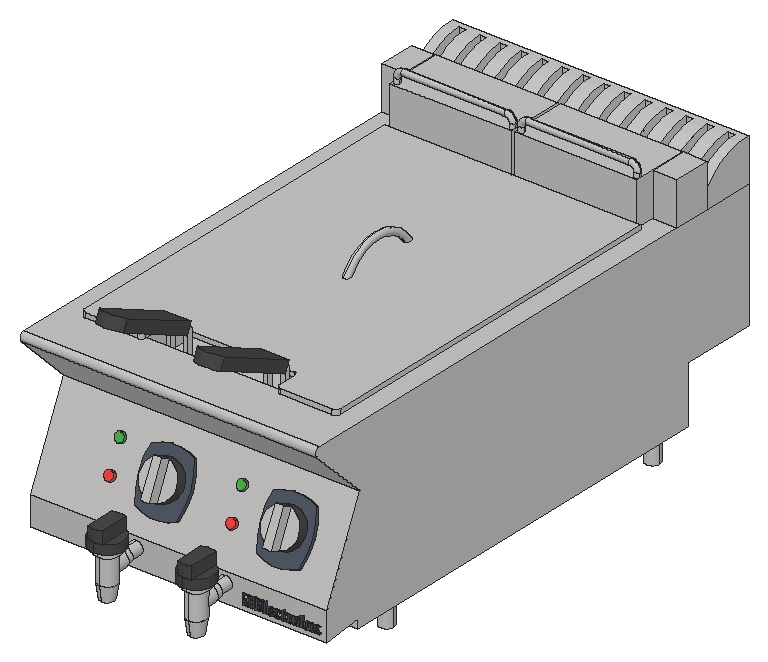
Revit family "QF_ELECTROLUXPROFESSIONAL_371074_E7FRED2A00", category Specialty Equipment, Revit 2018
Family settings
  Round Connector Dimension = Use Diameter
  Part Type = Normal
  Work Plane-Based = No
  Always vertical = Yes
  Cut with Voids When Loaded = No
  Shared = No
  Room Calculation Point = No
Parameters
  Width = 400 mm  # constant formula
  Weight in Pounds = 44  # constant formula
  Watts = 9000 VA  # 9000 W
  Volts = 400 V  # constant formula
  URL Cutsheet = "www.electrolux.com/foodservice"
  URL = "www.electrolux.com/foodservice"
  Type Mark [instance] = ""
  Status [instance] = ""
  Specification by User [instance] = ""
  Specification by Manufacturer = ""
  Show Logo [instance] = yes
  Show Clearance [instance] = yes
  Serial Number = ""
  Seismic Rating = ""
  SMACNA No = ""
  Revision Code [instance] = ""
  Phase = 3  # constant formula
  Omniclass Number and Title = ""
  Number of Poles [instance] = 1
  NAFEM Spec ID Number = ""
  Model = "371074"
  Min Ckt Ampacity = 0 A
  Max Overcurrent Protection = 0 A
  Masterspec = ""
  Manufacturer = "ELECTROLUX"
  Item Number [instance] = ""
  Installed By [instance] = ""
  Identify Quantity as Lot [instance] = yes
  Height = 333 mm  # constant formula
  HP = "12.1 HP"
  Furnished By [instance] = ""
  Foodservice Equipment Identifier [instance] = yes
  FL Amps = if(Phase = 3, Watts / (Volts * 1.73), Watts / Volts)  # 13.0058 A
  Electrical Remarks [instance] = "400 V/3N ph/50/60 Hz"  # constant formula
  Electric Connection Type [instance] = ""
  Elec Conn RI Height [instance] = 0 mm
  Elec Conn Connection Height [instance] = 0 mm
  Direct Waste Size = 0"
  Description = "700XP Two 5 Lt. Wells Electric Fryer Top - 400V"
  Depth = 730 mm  # constant formula
  Cycle = if([60 Hertz Option], 60 Hz, 50 Hz)  # 60 Hz
  Conn Plug = ""
  Conn Conduit = yes
  CSI MasterFormat = ""
  CSI Master Format = ""
  Base Height [instance] = 25.4 mm  # constant formula
  Apparent Power = if(Phase = 3, Volts * FL Amps * 1.73, Volts * FL Amps)  # 9000 VA
  60 Hertz Option = not([50 Hertz Option])  # yes
  50 Hertz Option = no
Reference planes
  plane 1 "BACK": y = 0
  plane 2: z = 0
  plane 3 "LEFT": x = 0
  plane 4 "RIGHT": x = 400
  plane 5 "FRONT": y = -730
  plane 6 "TOP": z = 333
  plane 7 "Center Y": x = 200
  plane 8 "Center X": y = -365
  plane 9 "BASE": z = 25.4
  plane 10 "TOP A": z = 274.638
  plane 11: y = -597.884
  plane 12: y = -147.637
Forms (mm)
  Extrusion 1, solid, material "QF_Finishes_Stainless Steel"
    sketch origin (0, 0, 0) x (0, 1, 0) y (0, 0, 1)
      loop
        line (0, 274.638) -> (-725.027, 274.638)
        arc (-725.027, 274.638) -> (-730.893, 270.718) -> (-729.517, 263.797) r 6.35
        line (-729.517, 263.797) -> (-657.416, 191.447) -> (-713.522, 70.59) -> (-713.522, 32.49) -> (-660.4, 38.1) -> (-660.4, 25.4) -> (-101.6, 25.4) -> (-101.6, 103.188) -> (0, 103.188) -> (0, 274.638)
    from 0 to 400
  Extrusion 2, solid, material "QF_Finishes_Stainless Steel"
    sketch origin (0, 0, 0) x (0, 1, 0) y (0, 0, 1)
      loop
        line (0, 274.638) -> (0, 333)
        arc (0, 333) -> (-38.795, 324.72) -> (-69.85, 300.038) r 86.758
        line (-69.85, 300.038) -> (-69.85, 274.638) -> (0, 274.638)
    from 0 to 400
  Extrusion 3, solid, material "QF_Finishes_Stainless Steel"
    sketch origin (0, 0, 274.638) x (-1, 0, 0) y (0, -1, 0)
      loop
        line (0, 69.85) -> (0, 120.65) -> (-31.75, 120.65) -> (-31.75, 69.85) -> (0, 69.85)
      loop
        line (-400, 69.85) -> (-368.25, 69.85) -> (-368.25, 120.65) -> (-400, 120.65) -> (-400, 69.85)
    from 0 to 58.362
  Extrusion 4, solid, material "QF_Finishes_Stainless Steel"
    sketch origin (0, 0, 274.638) x (-1, 0, 0) y (0, -1, 0)
      loop
        line (-33.338, 69.85) -> (-33.338, 147.762) -> (-198.412, 147.762) -> (-198.412, 69.85) -> (-33.338, 69.85)
      loop
        line (-366.662, 69.85) -> (-201.587, 69.85) -> (-201.587, 147.762) -> (-366.662, 147.762) -> (-366.662, 69.85)
    from 0 to 58.362
  Extrusion 5, void
    sketch origin (0, 0, 274.638) x (-1, 0, 0) y (0, -1, 0)
      loop
        line (-33.338, 147.762) -> (-33.338, 655.762) -> (-366.662, 655.762) -> (-366.662, 147.762) -> (-33.338, 147.762)
    from 0 to -101.6
  Extrusion 6, solid, material "QF_Finishes_Stainless Steel"
    sketch origin (0, 0, 274.638) x (-1, 0, 0) y (0, -1, 0)
      loop
        arc (-26.963, 655.762) -> (-28.822, 660.252) -> (-33.313, 662.112) r 6.35
        line (-33.313, 662.112) -> (-103.163, 662.112)
        arc (-103.163, 662.112) -> (-107.653, 660.252) -> (-109.513, 655.762) r 6.35
        line (-109.513, 655.762) -> (-109.513, 630.362)
        arc (-109.513, 630.362) -> (-111.372, 625.871) -> (-115.863, 624.012) r 6.35
        line (-115.863, 624.012) -> (-284.112, 624.012)
        arc (-284.112, 624.012) -> (-288.603, 625.871) -> (-290.462, 630.362) r 6.35
        line (-290.462, 630.362) -> (-290.462, 655.762)
        arc (-290.462, 655.762) -> (-292.322, 660.252) -> (-296.812, 662.112) r 6.35
        line (-296.812, 662.112) -> (-366.662, 662.112)
        arc (-366.662, 662.112) -> (-371.153, 660.252) -> (-373.012, 655.762) r 6.35
        line (-373.012, 655.762) -> (-373.012, 147.762) -> (-26.963, 147.762) -> (-26.963, 655.762)
    from 0 to 6.35
  Sweep 7, solid, material "QF_Finishes_Stainless Steel"
    path origin (200, 0, 0) x (0, 1, 0) y (0, 0, 1)
      loop
        arc (-323.261, 274.638) -> (-377.7, 308.416) -> (-432.139, 274.638) r 60.757
    profile origin (200, -377.7, 308.416) x (0, 0, -1) y (1, 0, 0)
      loop
        circle (0, 0) r 4.353
  Sweep 8, solid, material "QF_Finishes_Stainless Steel"
    path origin (0, 0, 0) x (1, 0, 0) y (0, 0, 1)
      loop
        line (39.688, 333) -> (39.688, 339.35)
        arc (39.688, 339.35) -> (41.547, 343.84) -> (46.038, 345.7) r 6.35
        line (46.038, 345.7) -> (185.713, 345.7)
        arc (185.713, 345.7) -> (190.203, 343.84) -> (192.063, 339.35) r 6.35
        line (192.063, 339.35) -> (192.063, 333)
    profile origin (39.688, 0, 336.175) x (-1, 0, 0) y (0, -1, 0)
      loop
        circle (2.09, 140.754) r 3.827
  Sweep 9, solid, material "QF_Finishes_Stainless Steel"
    path origin (400.05, 0, 0) x (-1, 0, 0) y (0, 0, 1)
      loop
        line (39.738, 333) -> (39.738, 339.35)
        arc (39.738, 339.35) -> (41.597, 343.84) -> (46.088, 345.7) r 6.35
        line (46.088, 345.7) -> (185.762, 345.7)
        arc (185.762, 345.7) -> (190.253, 343.84) -> (192.112, 339.35) r 6.35
        line (192.112, 339.35) -> (192.113, 333)
    profile origin (360.312, 0, 336.175) x (-1, 0, 0) y (0, -1, 0)
      loop
        circle (-2.09, 140.754) r 3.827
  Extrusion 10, void
    sketch origin (0, 0, 274.638) x (-1, 0, 0) y (0, -1, 0)
      loop
        line (-13.453, 6.761) -> (-13.453, 63.911) -> (-22.749, 63.911) -> (-22.749, 6.761) -> (-13.453, 6.761)
    from 25.4 to 63.5
  Extrusion 11, void
    sketch origin (400.05, 0, 274.638) x (1, 0, 0) y (0, 1, 0)
      loop
        line (-13.503, -6.761) -> (-22.799, -6.761) -> (-22.799, -63.911) -> (-13.503, -63.911) -> (-13.503, -6.761)
    from 25.4 to 63.5
  Extrusion 12, void
    sketch origin (27.988, 0, 274.638) x (-1, 0, 0) y (0, -1, 0)
      loop
        line (-13.453, 6.761) -> (-13.453, 63.911) -> (-22.749, 63.911) -> (-22.749, 6.761) -> (-13.453, 6.761)
    from 25.4 to 63.5
  Extrusion 13, void
    sketch origin (55.977, 0, 274.638) x (-1, 0, 0) y (0, -1, 0)
      loop
        line (-13.453, 6.761) -> (-13.453, 63.911) -> (-22.749, 63.911) -> (-22.749, 6.761) -> (-13.453, 6.761)
    from 25.4 to 63.5
  Extrusion 14, void
    sketch origin (83.965, 0, 274.638) x (-1, 0, 0) y (0, -1, 0)
      loop
        line (-13.428, 6.761) -> (-13.428, 63.911) -> (-22.724, 63.911) -> (-22.724, 6.761) -> (-13.428, 6.761)
    from 25.4 to 63.5
  Extrusion 15, void
    sketch origin (111.953, 0, 274.638) x (-1, 0, 0) y (0, -1, 0)
      loop
        line (-13.428, 6.761) -> (-13.428, 63.911) -> (-22.724, 63.911) -> (-22.724, 6.761) -> (-13.428, 6.761)
    from 25.4 to 63.5
  Extrusion 16, void
    sketch origin (139.942, 0, 274.638) x (-1, 0, 0) y (0, -1, 0)
      loop
        line (-13.428, 6.761) -> (-13.428, 63.911) -> (-22.724, 63.911) -> (-22.724, 6.761) -> (-13.428, 6.761)
    from 25.4 to 63.5
  Extrusion 17, void
    sketch origin (167.93, 0, 274.638) x (-1, 0, 0) y (0, -1, 0)
      loop
        line (-13.428, 6.761) -> (-13.428, 63.911) -> (-22.724, 63.911) -> (-22.724, 6.761) -> (-13.428, 6.761)
    from 25.4 to 63.5
  Extrusion 18, void
    sketch origin (195.918, 0, 274.638) x (-1, 0, 0) y (0, -1, 0)
      loop
        line (-13.428, 6.761) -> (-13.428, 63.911) -> (-22.724, 63.911) -> (-22.724, 6.761) -> (-13.428, 6.761)
    from 25.4 to 63.5
  Extrusion 19, void
    sketch origin (223.907, 0, 274.638) x (-1, 0, 0) y (0, -1, 0)
      loop
        line (-13.428, 6.761) -> (-13.428, 63.911) -> (-22.724, 63.911) -> (-22.724, 6.761) -> (-13.428, 6.761)
    from 25.4 to 63.5
  Extrusion 20, void
    sketch origin (251.895, 0, 274.638) x (-1, 0, 0) y (0, -1, 0)
      loop
        line (-13.428, 6.761) -> (-13.428, 63.911) -> (-22.724, 63.911) -> (-22.724, 6.761) -> (-13.428, 6.761)
    from 25.4 to 63.5
  Extrusion 21, void
    sketch origin (279.884, 0, 274.638) x (-1, 0, 0) y (0, -1, 0)
      loop
        line (-13.403, 6.761) -> (-13.403, 63.911) -> (-22.699, 63.911) -> (-22.699, 6.761) -> (-13.403, 6.761)
    from 25.4 to 63.5
  Extrusion 22, void
    sketch origin (307.872, 0, 274.638) x (-1, 0, 0) y (0, -1, 0)
      loop
        line (-13.403, 6.761) -> (-13.403, 63.911) -> (-22.699, 63.911) -> (-22.699, 6.761) -> (-13.403, 6.761)
    from 25.4 to 63.5
  Extrusion 23, void
    sketch origin (335.86, 0, 274.638) x (-1, 0, 0) y (0, -1, 0)
      loop
        line (-13.403, 6.761) -> (-13.403, 63.911) -> (-22.699, 63.911) -> (-22.699, 6.761) -> (-13.403, 6.761)
    from 25.4 to 63.5
  Extrusion 24, solid, material "QF_Finishes_Stainless Steel"
    sketch origin (0, 0, 0) x (1, 0, 0) y (0, 1, 0)
      loop
        circle (11.112, -147.638) r 9.525
      loop
        circle (11.112, -597.884) r 9.525
      loop
        circle (388.887, -147.638) r 9.525
      loop
        circle (388.887, -597.884) r 9.525
    from 0 to 25.4
  Extrusion 25, solid, material "QF_Finishes_Black"
    sketch origin (200.025, -750.105, 354.328) x (0, 0.906308, -0.422618) y (-1, 0, 0)
      loop
        line (10.103, 47.345) -> (128.716, 47.345) -> (128.716, 84.58) -> (10.103, 84.58)
        arc (10.103, 84.58) -> (-0.124, 65.962) -> (10.103, 47.345) r 22.059
    from -15.884 to 0
  Extrusion 26, solid, material "QF_Finishes_Stainless Steel"
    sketch origin (200, 0, 0) x (0, 1, 0) y (0, 0, 1)
      loop
        line (-635.377, 295.794) -> (-638.233, 289.67) -> (-633.536, 284.973) -> (-633.536, 165.638) -> (-627.186, 165.638) -> (-627.186, 287.603) -> (-635.377, 295.794)
    from -80.476 to -74.619
  Extrusion 27, solid, material "QF_Finishes_Stainless Steel"
    sketch origin (68.151, 0, 0) x (0, 1, 0) y (0, 0, -1)
      loop
        line (-635.377, -295.794) -> (-627.186, -287.603) -> (-627.186, -165.638) -> (-633.536, -165.638) -> (-633.536, -284.973) -> (-638.233, -289.67) -> (-635.377, -295.794)
    from -80.476 to -74.619
  Extrusion 28, solid, material "QF_Finishes_Black"
    sketch origin (200.025, -750.105, 354.328) x (0, 0.906308, -0.422618) y (-1, 0, 0)
      loop
        arc (10.103, -47.295) -> (-0.124, -65.912) -> (10.103, -84.53) r 22.059
        line (10.103, -84.53) -> (128.716, -84.53) -> (128.716, -47.295) -> (10.103, -47.295)
    from -15.884 to 0
  Extrusion 29, solid, material "QF_Finishes_Stainless Steel"
    sketch origin (200.025, 0, 0) x (0, 1, 0) y (0, 0, -1)
      loop
        line (-635.377, -295.794) -> (-627.186, -287.603) -> (-627.186, -165.638) -> (-633.536, -165.638) -> (-633.536, -284.973) -> (-638.233, -289.67) -> (-635.377, -295.794)
    from -80.476 to -74.619
  Extrusion 30, solid, material "QF_Finishes_Stainless Steel"
    sketch origin (331.899, 0, 0) x (0, 1, 0) y (0, 0, 1)
      loop
        line (-635.377, 295.794) -> (-638.233, 289.67) -> (-633.536, 284.973) -> (-633.536, 165.638) -> (-627.186, 165.638) -> (-627.186, 287.603) -> (-635.377, 295.794)
    from -80.476 to -74.619
  Extrusion 31, solid, material "QF_Finishes_Navy Blue"
    sketch origin (0, -713.522, 70.59) x (0, 0.421077, 0.907025) y (-1, 0, 0)
      loop
        arc (101.077, -297.665) -> (66.2, -290.648) -> (31.333, -297.71) r 89.894
        arc (31.333, -297.71) -> (24.638, -326.24) -> (31.333, -354.771) r 64.14
        arc (31.333, -354.771) -> (66.2, -361.833) -> (101.077, -354.815) r 89.894
        arc (101.077, -354.815) -> (107.792, -326.24) -> (101.077, -297.665) r 64.16
      loop
        arc (101.077, -132.565) -> (66.2, -125.548) -> (31.333, -132.61) r 89.894
        arc (31.333, -132.61) -> (24.638, -161.14) -> (31.333, -189.671) r 64.14
        arc (31.333, -189.671) -> (66.2, -196.736) -> (101.077, -189.715) r 89.853
        arc (101.077, -189.715) -> (107.792, -161.14) -> (101.077, -132.565) r 64.16
    from 0 to 3.175
  Extrusion 32, solid, material "QF_Finishes_Stainless Steel"
    sketch origin (0, -716.402, 71.927) x (0, 0.421077, 0.907025) y (-1, 0, 0)
      loop
        circle (68.826, -326.063) r 25.4
      loop
        circle (68.826, -160.963) r 25.4
    from 0 to 12.7
  Extrusion 33, solid, material "QF_Finishes_Stainless Steel"
    sketch origin (0, -727.921, 77.275) x (0, 0.421077, 0.907025) y (-1, 0, 0)
      loop
        arc (93.558, -331.849) -> (94.226, -326.063) -> (93.558, -320.277) r 25.4
        line (93.558, -320.277) -> (44.094, -320.277)
        arc (44.094, -320.277) -> (43.426, -326.063) -> (44.094, -331.849) r 25.4
        line (44.094, -331.849) -> (93.558, -331.849)
      loop
        arc (93.558, -166.749) -> (94.226, -160.963) -> (93.558, -155.177) r 25.4
        line (93.558, -155.177) -> (44.094, -155.177)
        arc (44.094, -155.177) -> (43.426, -160.963) -> (44.094, -166.749) r 25.4
        line (44.094, -166.749) -> (93.558, -166.749)
    from 0 to 12.7
  Extrusion 34, solid, material "QF_Finishes_Green"
    sketch origin (0, -713.522, 70.59) x (0, 0.421077, 0.907025) y (-1, 0, 0)
      loop
        circle (93.566, -255.898) r 6.35
      loop
        circle (93.566, -90.848) r 6.35
    from 0 to 3.175
  Extrusion 35, solid, material "QF_Finishes_Red"
    sketch origin (0, -713.522, 70.59) x (0, 0.421077, 0.907025) y (-1, 0, 0)
      loop
        circle (50.809, -255.898) r 6.35
      loop
        circle (50.809, -90.848) r 6.35
    from 0 to 3.175
  Revolve 36, solid, material "QF_Finishes_Stainless Steel"
    sketch origin (142.875, 0, 0) x (0, 1, 0) y (0, 0, 1)
      loop
        line (-762.926, 17.277) -> (-753.917, 17.277) -> (-750.301, 37.788) -> (-750.301, 74.129) -> (-747.023, 74.129) -> (-747.023, 82.008) -> (-740.673, 82.008) -> (-740.673, 94.708) -> (-762.926, 94.708) -> (-762.926, 17.277)
      axis (-762.926, 17.277) -> (-762.926, 94.708)
    angle from 0 to 360
  Revolve 37, solid, material "QF_Finishes_Stainless Steel"
    sketch origin (142.875, 0, 0) x (0, 1, 0) y (0, 0, 1)
      loop
        line (-713.522, 57.15) -> (-764.322, 57.15) -> (-764.322, 44.847) -> (-742.357, 44.847) -> (-742.357, 46.549) -> (-733.364, 46.549) -> (-733.364, 48.596) -> (-713.522, 48.596) -> (-713.522, 57.15)
      axis (-764.322, 57.15) -> (-713.522, 57.15)
    angle from 0 to 360
  Revolve 38, solid, material "QF_Finishes_Stainless Steel"
    sketch origin (263.525, 0, 0) x (0, 1, 0) y (0, 0, 1)
      loop
        line (-762.926, 17.277) -> (-753.917, 17.277) -> (-750.301, 37.788) -> (-750.301, 74.129) -> (-747.023, 74.129) -> (-747.023, 82.008) -> (-740.673, 82.008) -> (-740.673, 94.708) -> (-762.926, 94.708) -> (-762.926, 17.277)
      axis (-762.926, 17.277) -> (-762.926, 94.708)
    angle from 0 to 360
  Revolve 39, solid, material "QF_Finishes_Stainless Steel"
    sketch origin (263.525, 0, 0) x (0, 1, 0) y (0, 0, 1)
      loop
        line (-713.522, 57.15) -> (-764.322, 57.15) -> (-764.322, 44.847) -> (-742.357, 44.847) -> (-742.357, 46.549) -> (-733.364, 46.549) -> (-733.364, 48.596) -> (-713.522, 48.596) -> (-713.522, 57.15)
      axis (-764.322, 57.15) -> (-713.522, 57.15)
    angle from 0 to 360
  Extrusion 40, solid, material "QF_Finishes_Black"
    sketch origin (142.875, -762.926, 94.708) x (0, 1, 0) y (-1, 0, 0)
      loop
        line (20.063, 9.626) -> (-20.063, 9.626)
        arc (-20.063, 9.626) -> (-22.253, 0) -> (-20.063, -9.626) r 22.253
        line (-20.063, -9.626) -> (20.063, -9.626)
        arc (20.063, -9.626) -> (22.253, 0) -> (20.063, 9.626) r 22.253
      loop
        line (20.063, -111.024) -> (-20.063, -111.024)
        arc (-20.063, -111.024) -> (-22.253, -120.65) -> (-20.063, -130.276) r 22.253
        line (-20.063, -130.276) -> (20.063, -130.276)
        arc (20.063, -130.276) -> (22.253, -120.65) -> (20.063, -111.024) r 22.253
    from 0 to 16.412
  Extrusion 41, solid, material "QF_Finishes_Stainless Steel"
    sketch origin (0, -101.6, 103.188) x (0, 0, -1) y (-1, 0, 0)
      loop
        circle (43.882, -62.029) r 12.7
    from 0 to 12.7
  Extrusion 42, solid, material "QF_Finishes_Clearance", visible <- "Show Clearance", detail levels coarse
    sketch origin (0, 0, 0) x (1, 0, 0) y (0, 1, 0)
      loop
        line (0, -731.377) -> (0, 0) -> (400, 0) -> (400, -731.377) -> (550.019, -731.377) -> (550.019, 150.019) -> (-150.019, 150.019) -> (-150.019, -731.377) -> (0, -731.377)
    from 0 to 333
  Extrusion 43, solid, material "QF_Finishes_Navy Blue", visible <- "Show Logo"
    sketch origin (0, -713.772, 32.49) x (0, 0, 1) y (-1, 0, 0)
      loop
        line (20.674, -296.698) -> (8.307, -296.698)
        arc (8.307, -296.698) -> (14.491, -301.27) -> (20.674, -296.698) r 6.467
      loop
        arc (20.674, -296.069) -> (19.505, -290.926) -> (14.849, -288.448) r 6.338
        line (14.849, -288.448) -> (14.849, -290.494)
        arc (14.849, -290.494) -> (16.333, -294.149) -> (19.778, -296.069) r 5.941
        line (19.778, -296.069) -> (20.674, -296.069)
      loop
        arc (9.203, -296.069) -> (12.648, -294.149) -> (14.132, -290.494) r 5.941
        line (14.132, -290.494) -> (14.132, -288.448)
        arc (14.132, -288.448) -> (9.438, -290.922) -> (8.148, -296.069) r 6.504
        line (8.148, -296.069) -> (9.203, -296.069)
      loop
        line (21.349, -287.979) -> (7.604, -287.979) -> (7.604, -301.742) -> (21.349, -301.742) -> (21.349, -287.979)
      loop
        arc (21.432, -304.71) -> (21.085, -304.352) -> (20.718, -304.69) r 0.358
        arc (20.718, -304.69) -> (20.404, -305.44) -> (19.687, -305.825) r 1.216
        line (19.687, -305.825) -> (9.274, -305.825)
        arc (9.274, -305.825) -> (8.614, -305.548) -> (8.218, -304.951) r 1.238
        arc (8.218, -304.951) -> (7.823, -304.7) -> (7.518, -305.054) r 0.358
        line (7.518, -305.054) -> (7.518, -314.933) -> (10.269, -314.933) -> (10.269, -314.036)
        arc (10.269, -314.036) -> (9.36, -313.456) -> (8.904, -312.479) r 1.928
        line (8.904, -312.479) -> (8.904, -309.98)
        arc (8.904, -309.98) -> (9.18, -309.251) -> (9.868, -308.887) r 1.101
        line (9.868, -308.887) -> (13.955, -308.887) -> (13.955, -312.561)
        arc (13.955, -312.561) -> (13.602, -313.058) -> (13.037, -313.286) r 1.083
        arc (13.037, -313.286) -> (12.773, -313.591) -> (13.065, -313.869) r 0.292
        line (13.065, -313.869) -> (16.028, -313.869)
        arc (16.028, -313.869) -> (16.33, -313.596) -> (16.092, -313.266) r 0.305
        arc (16.092, -313.266) -> (15.601, -313.018) -> (15.296, -312.561) r 1.083
        line (15.296, -312.561) -> (15.296, -308.887) -> (19.973, -308.887) -> (19.973, -312.635)
        arc (19.973, -312.635) -> (19.759, -313.39) -> (19.153, -313.888) r 1.314
        arc (19.153, -313.888) -> (18.934, -314.292) -> (19.288, -314.585) r 0.361
        line (19.288, -314.585) -> (21.432, -314.585) -> (21.432, -304.71)
      loop
        arc (20.715, -315.365) -> (20.335, -316.284) -> (19.416, -316.664) r 1.299
        line (19.416, -316.664) -> (9.837, -316.664)
        arc (9.837, -316.664) -> (8.999, -316.286) -> (8.728, -315.408) r 1.118
        line (8.728, -315.408) -> (7.518, -315.408) -> (7.518, -320.758) -> (8.706, -320.758)
        arc (8.706, -320.758) -> (8.978, -319.841) -> (9.848, -319.445) r 1.153
        line (9.848, -319.445) -> (21.92, -319.445) -> (20.715, -315.365)
      loop
        line (12.483, -323.394) -> (12.483, -329.842) -> (13.282, -329.842)
        arc (13.282, -329.842) -> (15.862, -328.857) -> (17.131, -326.404) r 3.874
        line (17.131, -326.404) -> (17.131, -324.643)
        arc (17.131, -324.643) -> (15.944, -321.778) -> (13.08, -320.592) r 4.051
        line (13.08, -320.592) -> (11.072, -320.592)
        arc (11.072, -320.592) -> (8.253, -322.077) -> (7.202, -325.084) r 4.352
        arc (7.202, -325.084) -> (7.566, -327.547) -> (8.943, -329.621) r 5.713
        line (8.943, -329.621) -> (9.892, -329.621)
        arc (9.892, -329.621) -> (9.16, -328.052) -> (8.943, -326.334) r 5.579
        arc (8.943, -326.334) -> (9.737, -324.371) -> (11.616, -323.394) r 3.057
        line (11.616, -323.394) -> (12.483, -323.394)
      loop
        line (13.742, -323.394) -> (13.742, -326.977)
        arc (13.742, -326.977) -> (15.199, -327.024) -> (16.082, -325.864) r 1.59
        line (16.082, -325.864) -> (16.082, -325.034)
        arc (16.082, -325.034) -> (15.217, -323.779) -> (13.742, -323.394) r 2.184
      loop
        arc (16.533, -339.259) -> (17.022, -337.585) -> (17.179, -335.848) r 9.023
        line (17.179, -335.848) -> (17.179, -334.486)
        arc (17.179, -334.486) -> (16.02, -331.686) -> (13.22, -330.527) r 3.959
        line (13.22, -330.527) -> (10.62, -330.527)
        arc (10.62, -330.527) -> (8.338, -331.819) -> (7.221, -334.192) r 4.331
        line (7.221, -334.192) -> (7.221, -336.327)
        arc (7.221, -336.327) -> (7.729, -337.877) -> (8.651, -339.223) r 5.772
        arc (8.651, -339.223) -> (9.412, -339.274) -> (9.499, -338.515) r 0.553
        arc (9.499, -338.515) -> (9.111, -337.781) -> (8.977, -336.962) r 2.573
        line (8.977, -336.962) -> (8.977, -335.447)
        arc (8.977, -335.447) -> (9.983, -333.806) -> (11.798, -333.163) r 2.884
        line (11.798, -333.163) -> (13.077, -333.163)
        arc (13.077, -333.163) -> (14.898, -333.723) -> (15.824, -335.388) r 2.554
        line (15.824, -335.388) -> (15.824, -336.441)
        arc (15.824, -336.441) -> (15.493, -337.369) -> (14.836, -338.104) r 2.564
        arc (14.836, -338.104) -> (14.614, -338.821) -> (15.223, -339.259) r 0.643
        line (15.223, -339.259) -> (16.533, -339.259)
      loop
        line (15.515, -339.53) -> (15.515, -341.031) -> (9.467, -341.031)
        arc (9.467, -341.031) -> (7.879, -341.688) -> (7.221, -343.276) r 2.246
        line (7.221, -343.276) -> (7.221, -344.86)
        arc (7.221, -344.86) -> (7.535, -345.725) -> (8.035, -346.496) r 4.06
        arc (8.035, -346.496) -> (8.768, -346.629) -> (9.019, -345.928) r 0.576
        arc (9.019, -345.928) -> (8.913, -345.403) -> (8.977, -344.87) r 1.69
        arc (8.977, -344.87) -> (9.519, -344.082) -> (10.425, -343.779) r 1.506
        line (10.425, -343.779) -> (15.563, -343.779) -> (15.563, -346.176) -> (16.119, -346.733) -> (16.941, -346.733) -> (16.941, -343.873) -> (20.172, -343.873) -> (15.515, -339.53)
      loop
        line (7.438, -347.63) -> (7.438, -353.017) -> (8.548, -353.017)
        arc (8.548, -353.017) -> (8.942, -352.066) -> (9.893, -351.672) r 1.345
        line (9.893, -351.672) -> (13.509, -351.672)
        arc (13.509, -351.672) -> (14.274, -352.264) -> (14.564, -353.186) r 1.615
        line (14.564, -353.186) -> (14.564, -354.742) -> (17.119, -355.427) -> (17.119, -354.044) -> (15.177, -351.485) -> (17.057, -351.485) -> (16.773, -348.779)
        arc (16.773, -348.779) -> (16.333, -348.249) -> (15.674, -348.45) r 0.621
        arc (15.674, -348.45) -> (15.274, -348.792) -> (14.78, -348.975) r 1.501
        line (14.78, -348.975) -> (9.893, -348.975)
        arc (9.893, -348.975) -> (8.942, -348.581) -> (8.548, -347.63) r 1.345
        line (8.548, -347.63) -> (7.438, -347.63)
      loop
        line (13.54, -354.964) -> (10.848, -354.964)
        arc (10.848, -354.964) -> (8.403, -356.272) -> (7.269, -358.803) r 4.288
        arc (7.269, -358.803) -> (7.205, -360.183) -> (7.269, -361.563) r 15.022
        arc (7.269, -361.563) -> (8.403, -364.094) -> (10.848, -365.401) r 4.288
        line (10.848, -365.401) -> (13.54, -365.401)
        arc (13.54, -365.401) -> (15.986, -364.094) -> (17.119, -361.563) r 4.288
        arc (17.119, -361.563) -> (17.183, -360.183) -> (17.119, -358.803) r 15.022
        arc (17.119, -358.803) -> (15.986, -356.272) -> (13.54, -354.964) r 4.288
      loop
        line (13.745, -358.078) -> (10.643, -358.078)
        arc (10.643, -358.078) -> (8.486, -360.235) -> (10.643, -362.392) r 2.157
        line (10.643, -362.392) -> (13.745, -362.392)
        arc (13.745, -362.392) -> (15.902, -360.235) -> (13.745, -358.078) r 2.157
      loop
        arc (20.726, -365.26) -> (20.355, -366.154) -> (19.461, -366.524) r 1.264
        line (19.461, -366.524) -> (9.597, -366.524)
        arc (9.597, -366.524) -> (8.727, -366.127) -> (8.455, -365.211) r 1.153
        line (8.455, -365.211) -> (7.518, -365.211) -> (7.518, -370.319) -> (8.446, -370.319)
        arc (8.446, -370.319) -> (8.805, -369.547) -> (9.597, -369.232) r 1.153
        line (9.597, -369.232) -> (21.92, -369.232) -> (20.726, -365.26)
      loop
        arc (15.846, -369.857) -> (15.647, -370.921) -> (14.678, -371.403) r 1.215
        line (14.678, -371.403) -> (9.658, -371.403)
        arc (9.658, -371.403) -> (8.043, -372.051) -> (7.322, -373.634) r 2.338
        line (7.322, -373.634) -> (7.322, -375.148)
        arc (7.322, -375.148) -> (7.497, -376.152) -> (7.999, -377.038) r 2.979
        line (7.999, -377.038) -> (7.518, -378.835) -> (7.518, -380.524) -> (16.943, -380.524) -> (16.649, -376.32) -> (15.863, -376.32)
        arc (15.863, -376.32) -> (15.507, -377.156) -> (14.755, -377.665) r 1.605
        line (14.755, -377.665) -> (9.652, -377.665)
        arc (9.652, -377.665) -> (9.232, -376.728) -> (9.159, -375.704) r 2.94
        arc (9.159, -375.704) -> (9.72, -374.603) -> (10.873, -374.16) r 1.724
        line (10.873, -374.16) -> (17.07, -374.16) -> (15.846, -369.857)
      loop
        line (16.874, -381.377) -> (15.202, -383.423) -> (12.028, -385.729) -> (8.572, -382.617)
        arc (8.572, -382.617) -> (8.335, -382.223) -> (8.357, -381.764) r 0.789
        line (8.357, -381.764) -> (7.518, -381.764) -> (7.518, -385.309) -> (8.344, -385.309)
        arc (8.344, -385.309) -> (8.686, -384.947) -> (9.176, -385.039) r 0.52
        line (9.176, -385.039) -> (10.976, -386.51) -> (8.858, -387.886)
        arc (8.858, -387.886) -> (8.457, -387.576) -> (8.37, -387.076) r 0.7
        line (8.37, -387.076) -> (7.518, -387.076) -> (7.518, -393.003) -> (8.405, -393.003)
        arc (8.405, -393.003) -> (8.472, -392.344) -> (8.866, -391.813) r 1.247
        line (8.866, -391.813) -> (13.066, -388.532) -> (15.513, -390.585) -> (16.874, -392.327) -> (16.874, -388.604) -> (15.389, -389.026) -> (13.868, -387.749) -> (15.568, -386.559) -> (16.874, -387.336) -> (16.874, -381.377)
    from 0 to 1.644
Cuts and joins
  Extrusion 5, Extrusion 10 cuts Extrusion 1
  Extrusion 5 cuts Extrusion 4
  joined: Extrusion 6, Sweep 7
  Extrusion 10, Extrusion 11, Extrusion 12, Extrusion 13, Extrusion 14, Extrusion 15, Extrusion 16, Extrusion 17, Extrusion 18, Extrusion 19, Extrusion 20, Extrusion 21, Extrusion 22, Extrusion 23 cuts Extrusion 2
  joined: Extrusion 32, Extrusion 33
Lines and regions (mm)
  symbolic lines, style "QF-Clearances", visible <- "Show Clearance", detail levels coarse
    curve 1: line (-150.019, 150.019, 274.638) -> (-150.019, -731.377, 274.638)
    curve 2: line (550.019, 150.019, 274.638) -> (-150.019, 150.019, 274.638)
    curve 3: line (550.019, -731.377, 274.638) -> (550.019, 150.019, 274.638)
  symbolic lines
    curve 4: line (0, 0, 274.638) -> (400, 0, 274.638)
    curve 5: line (0, -729.517, 274.638) -> (0, 0, 274.638)
    curve 6: line (400, -729.517, 274.638) -> (284.555, -729.517, 274.638)
    curve 7: line (400, 0, 274.638) -> (400, -729.517, 274.638)
    curve 8: line (22.724, -6.761, 274.638) -> (22.724, -63.911, 274.638)
    curve 9: line (22.724, -63.911, 274.638) -> (13.428, -63.911, 274.638)
    curve 10: line (13.428, -63.911, 274.638) -> (13.428, -6.761, 274.638)
    curve 11: line (13.428, -6.761, 274.638) -> (22.724, -6.761, 274.638)
    curve 12: line (386.547, -6.761, 274.638) -> (386.547, -63.911, 274.638)
    curve 13: line (386.547, -63.911, 274.638) -> (377.251, -63.911, 274.638)
    curve 14: line (377.251, -63.911, 274.638) -> (377.251, -6.761, 274.638)
    curve 15: line (377.251, -6.761, 274.638) -> (386.547, -6.761, 274.638)
    curve 16: line (50.712, -6.761, 274.638) -> (50.712, -63.911, 274.638)
    curve 17: line (50.712, -63.911, 274.638) -> (41.416, -63.911, 274.638)
    curve 18: line (41.416, -63.911, 274.638) -> (41.416, -6.761, 274.638)
    curve 19: line (41.416, -6.761, 274.638) -> (50.712, -6.761, 274.638)
    curve 20: line (78.7, -6.761, 274.638) -> (78.7, -63.911, 274.638)
    curve 21: line (78.7, -63.911, 274.638) -> (69.405, -63.911, 274.638)
    curve 22: line (69.405, -63.911, 274.638) -> (69.405, -6.761, 274.638)
    curve 23: line (69.405, -6.761, 274.638) -> (78.7, -6.761, 274.638)
    curve 24: line (106.689, -6.761, 274.638) -> (106.689, -63.911, 274.638)
    curve 25: line (106.689, -63.911, 274.638) -> (97.393, -63.911, 274.638)
    curve 26: line (97.393, -63.911, 274.638) -> (97.393, -6.761, 274.638)
    curve 27: line (97.393, -6.761, 274.638) -> (106.689, -6.761, 274.638)
    curve 28: line (134.677, -6.761, 274.638) -> (134.677, -63.911, 274.638)
    curve 29: line (134.677, -63.911, 274.638) -> (125.381, -63.911, 274.638)
    curve 30: line (125.381, -63.911, 274.638) -> (125.381, -6.761, 274.638)
    curve 31: line (125.381, -6.761, 274.638) -> (134.677, -6.761, 274.638)
    curve 32: line (162.665, -6.761, 274.638) -> (162.665, -63.911, 274.638)
    curve 33: line (162.665, -63.911, 274.638) -> (153.37, -63.911, 274.638)
    curve 34: line (153.37, -63.911, 274.638) -> (153.37, -6.761, 274.638)
    curve 35: line (153.37, -6.761, 274.638) -> (162.665, -6.761, 274.638)
    curve 36: line (190.654, -6.761, 274.638) -> (190.654, -63.911, 274.638)
    curve 37: line (190.654, -63.911, 274.638) -> (181.358, -63.911, 274.638)
    curve 38: line (181.358, -63.911, 274.638) -> (181.358, -6.761, 274.638)
    curve 39: line (181.358, -6.761, 274.638) -> (190.654, -6.761, 274.638)
    curve 40: line (218.642, -6.761, 274.638) -> (218.642, -63.911, 274.638)
    curve 41: line (218.642, -63.911, 274.638) -> (209.346, -63.911, 274.638)
    curve 42: line (209.346, -63.911, 274.638) -> (209.346, -6.761, 274.638)
    curve 43: line (209.346, -6.761, 274.638) -> (218.642, -6.761, 274.638)
    curve 44: line (246.605, -6.761, 274.638) -> (246.605, -63.911, 274.638)
    curve 45: line (246.605, -63.911, 274.638) -> (237.31, -63.911, 274.638)
    curve 46: line (237.31, -63.911, 274.638) -> (237.31, -6.761, 274.638)
    curve 47: line (237.31, -6.761, 274.638) -> (246.605, -6.761, 274.638)
    curve 48: line (274.594, -6.761, 274.638) -> (274.594, -63.911, 274.638)
    curve 49: line (274.594, -63.911, 274.638) -> (265.298, -63.911, 274.638)
    curve 50: line (265.298, -63.911, 274.638) -> (265.298, -6.761, 274.638)
    curve 51: line (265.298, -6.761, 274.638) -> (274.594, -6.761, 274.638)
    curve 52: line (302.582, -6.761, 274.638) -> (302.582, -63.911, 274.638)
    curve 53: line (302.582, -63.911, 274.638) -> (293.286, -63.911, 274.638)
    curve 54: line (293.286, -63.911, 274.638) -> (293.286, -6.761, 274.638)
    curve 55: line (293.286, -6.761, 274.638) -> (302.582, -6.761, 274.638)
    curve 56: line (330.57, -6.761, 274.638) -> (330.57, -63.911, 274.638)
    curve 57: line (330.57, -63.911, 274.638) -> (321.275, -63.911, 274.638)
    curve 58: line (321.275, -63.911, 274.638) -> (321.275, -6.761, 274.638)
    curve 59: line (321.275, -6.761, 274.638) -> (330.57, -6.761, 274.638)
    curve 60: line (358.559, -6.761, 274.638) -> (358.559, -63.911, 274.638)
    curve 61: line (358.559, -63.911, 274.638) -> (349.263, -63.911, 274.638)
    curve 62: line (349.263, -63.911, 274.638) -> (349.263, -6.761, 274.638)
    curve 63: line (349.263, -6.761, 274.638) -> (358.559, -6.761, 274.638)
    curve 64: line (26.963, -147.762, 274.638) -> (26.963, -655.737, 274.638)
    curve 65: arc (26.963, -655.737, 274.638) -> (28.83, -660.244, 274.638) -> (33.338, -662.112, 274.638) r 6.375
    curve 66: line (33.338, -662.112, 274.638) -> (103.163, -662.112, 274.638)
    curve 67: arc (103.163, -662.112, 274.638) -> (107.653, -660.252, 274.638) -> (109.513, -655.762, 274.638) r 6.35
    curve 68: line (109.513, -655.762, 274.638) -> (109.513, -630.362, 274.638)
    curve 69: arc (109.513, -630.362, 274.638) -> (111.372, -625.871, 274.638) -> (115.863, -624.012, 274.638) r 6.35
    curve 70: line (115.863, -624.012, 274.638) -> (284.112, -624.012, 274.638)
    curve 71: arc (284.112, -624.012, 274.638) -> (288.603, -625.871, 274.638) -> (290.462, -630.362, 274.638) r 6.35
    curve 72: line (290.462, -630.362, 274.638) -> (290.462, -655.762, 274.638)
    curve 73: arc (290.462, -655.762, 274.638) -> (292.322, -660.252, 274.638) -> (296.812, -662.112, 274.638) r 6.35
    curve 74: line (296.812, -662.112, 274.638) -> (366.662, -662.112, 274.638)
    curve 75: arc (366.662, -662.112, 274.638) -> (371.153, -660.252, 274.638) -> (373.012, -655.762, 274.638) r 6.35
    curve 76: line (373.012, -655.762, 274.638) -> (373.012, -147.762, 274.638)
    curve 77: line (373.012, -147.762, 274.638) -> (26.963, -147.762, 274.638)
    curve 78: line (0, -120.65, 274.638) -> (31.725, -120.65, 274.638)
    curve 79: line (31.725, -120.65, 274.638) -> (31.725, -69.85, 274.638)
    curve 80: line (31.725, -69.85, 274.638) -> (0, -69.85, 274.638)
    curve 81: line (0, -69.85, 274.638) -> (0, -120.65, 274.638)
    curve 82: line (0, -69.85, 274.638) -> (400, -69.85, 274.638)
    curve 83: line (33.312, -69.85, 274.638) -> (33.312, -147.762, 274.638)
    curve 84: line (198.412, -147.762, 274.638) -> (198.412, -69.85, 274.638)
    curve 85: line (201.587, -69.85, 274.638) -> (201.587, -147.762, 274.638)
    curve 86: line (201.587, -147.762, 274.638) -> (366.662, -147.762, 274.638)
    curve 87: line (33.312, -147.762, 274.638) -> (198.412, -147.762, 274.638)
    curve 88: line (366.662, -147.762, 274.638) -> (366.662, -69.85, 274.638)
    curve 89: line (368.25, -69.85, 274.638) -> (368.25, -120.65, 274.638)
    curve 90: line (368.25, -120.65, 274.638) -> (400, -120.65, 274.638)
    curve 91: line (284.555, -747.411, 274.638) -> (284.555, -633.449, 274.638)
    curve 92: line (284.555, -633.449, 274.638) -> (247.32, -633.449, 274.638)
    curve 93: line (247.32, -633.449, 274.638) -> (247.32, -747.411, 274.638)
    curve 94: spline (284.555, -747.411, 274.638) -> (282.322, -750.073, 274.638) -> (279.632, -752.361, 274.638) -> (276.558, -754.21, 274.638) -> (273.187, -755.569, 274.638) -> (269.614, -756.4, 274.638) -> (265.937, -756.68, 274.638) -> (262.261, -756.4, 274.638) -> (258.687, -755.569, 274.638) -> (255.316, -754.21, 274.638) -> (252.243, -752.361, 274.638) -> (249.552, -750.073, 274.638) -> (247.32, -747.411, 274.638)
    curve 95: line (152.68, -747.411, 274.638) -> (152.68, -633.449, 274.638)
    curve 96: line (115.445, -633.449, 274.638) -> (115.445, -747.411, 274.638)
    curve 97: line (152.68, -633.449, 274.638) -> (115.445, -633.449, 274.638)
    curve 98: spline (152.68, -747.411, 274.638) -> (150.448, -750.073, 274.638) -> (147.757, -752.361, 274.638) -> (144.684, -754.21, 274.638) -> (141.313, -755.569, 274.638) -> (137.739, -756.4, 274.638) -> (134.063, -756.68, 274.638) -> (130.386, -756.4, 274.638) -> (126.813, -755.569, 274.638) -> (123.442, -754.21, 274.638) -> (120.368, -752.361, 274.638) -> (117.678, -750.073, 274.638) -> (115.445, -747.411, 274.638)
    curve 99: line (152.68, -655.762, 274.638) -> (247.32, -655.762, 274.638)
    curve 100: line (284.555, -655.762, 274.638) -> (290.462, -655.762, 274.638)
    curve 101: line (115.445, -655.762, 274.638) -> (109.513, -655.762, 274.638)
    curve 102: line (125.381, -627.186, 274.638) -> (125.381, -633.449, 274.638)
    curve 103: line (119.524, -627.186, 274.638) -> (125.381, -627.186, 274.638)
    curve 104: line (119.524, -633.449, 274.638) -> (119.524, -627.186, 274.638)
    curve 105: line (148.601, -627.186, 274.638) -> (148.601, -633.449, 274.638)
    curve 106: line (142.744, -627.186, 274.638) -> (148.601, -627.186, 274.638)
    curve 107: line (142.744, -633.449, 274.638) -> (142.744, -627.186, 274.638)
    curve 108: line (257.231, -627.186, 274.638) -> (257.231, -633.449, 274.638)
    curve 109: line (251.374, -627.186, 274.638) -> (257.231, -627.186, 274.638)
    curve 110: line (251.374, -633.449, 274.638) -> (251.374, -627.186, 274.638)
    curve 111: line (280.451, -627.186, 274.638) -> (280.451, -633.449, 274.638)
    curve 112: line (274.594, -627.186, 274.638) -> (280.451, -627.186, 274.638)
    curve 113: line (274.594, -633.449, 274.638) -> (274.594, -627.186, 274.638)
    curve 114: spline (115.445, -740.698, 274.638) -> (117.678, -743.361, 274.638) -> (120.368, -745.648, 274.638) -> (123.442, -747.498, 274.638) -> (126.813, -748.857, 274.638) -> (130.386, -749.688, 274.638) -> (134.063, -749.967, 274.638) -> (137.739, -749.688, 274.638) -> (141.313, -748.857, 274.638) -> (144.684, -747.498, 274.638) -> (147.757, -745.648, 274.638) -> (150.448, -743.361, 274.638) -> (152.68, -740.698, 274.638)
    curve 115: spline (247.32, -740.698, 274.638) -> (249.552, -743.361, 274.638) -> (252.243, -745.648, 274.638) -> (255.316, -747.498, 274.638) -> (258.687, -748.857, 274.638) -> (262.261, -749.688, 274.638) -> (265.937, -749.967, 274.638) -> (269.614, -749.688, 274.638) -> (273.187, -748.857, 274.638) -> (276.558, -747.498, 274.638) -> (279.632, -745.648, 274.638) -> (282.322, -743.361, 274.638) -> (284.555, -740.698, 274.638)
    curve 116: line (195.545, -428.432, 274.638) -> (195.545, -326.969, 274.638)
    curve 117: line (204.443, -326.969, 274.638) -> (204.443, -428.432, 274.638)
    curve 118: arc (195.545, -428.432, 274.638) -> (199.994, -432.882, 274.638) -> (204.443, -428.432, 274.638) r 4.449
    curve 119: arc (195.545, -326.969, 274.638) -> (199.994, -322.52, 274.638) -> (204.443, -326.969, 274.638) r 4.449
    curve 120: arc (142.85, -785.179, 274.638) -> (164.523, -767.972, 274.638) -> (152.68, -742.962, 274.638) r 22.253
    curve 121: arc (122.575, -753.755, 274.638) -> (124.152, -774.99, 274.638) -> (142.85, -785.179, 274.638) r 22.253
    curve 122: arc (247.416, -747.547, 274.638) -> (243.038, -771.672, 274.638) -> (263.5, -785.179, 274.638) r 22.253
    curve 123: arc (263.5, -785.179, 274.638) -> (283.155, -773.359, 274.638) -> (281.931, -750.457, 274.638) r 22.253
    curve 124: line (115.445, -729.517, 274.638) -> (0, -729.517, 274.638)
    curve 125: line (247.32, -729.517, 274.638) -> (152.68, -729.517, 274.638)
    curve 126: line (152.476, -782.989, 274.638) -> (152.476, -747.549, 274.638)
    curve 127: line (133.224, -782.989, 274.638) -> (133.224, -756.535, 274.638)
    curve 128: line (253.874, -782.989, 274.638) -> (253.874, -754.756, 274.638)
    curve 129: line (273.126, -782.989, 274.638) -> (273.126, -755.487, 274.638)
    curve 130: line (37.598, -136.927, 274.638) -> (194.152, -136.927, 274.638)
    curve 131: line (37.598, -144.582, 274.638) -> (37.598, -136.927, 274.638)
    curve 132: line (194.152, -144.582, 274.638) -> (37.598, -144.582, 274.638)
    curve 133: line (194.152, -136.927, 274.638) -> (194.152, -144.582, 274.638)
    curve 134: line (205.848, -136.927, 274.638) -> (362.402, -136.927, 274.638)
    curve 135: line (205.848, -144.582, 274.638) -> (205.848, -136.927, 274.638)
    curve 136: line (362.402, -144.582, 274.638) -> (205.848, -144.582, 274.638)
    curve 137: line (362.402, -136.927, 274.638) -> (362.402, -144.582, 274.638)
Dimensions and locks
  equal spacing: plane 3 "LEFT", plane 7 "Center Y", plane 4 "RIGHT"
  "Width": plane 3 "LEFT" to plane 4 "RIGHT"
  equal spacing: plane 5 "FRONT", plane 8 "Center X", plane 1 "BACK"
  "Depth": plane 5 "FRONT" to plane 1 "BACK"
  "Height": plane 6 "TOP" to level
  "Base Height": plane 9 "BASE" to level
  plane 1 "BACK" to plane 5 "FRONT" = 730 mm
  plane 10 "TOP A" to plane 9 "BASE" = 249.238 mm
  locked: Extrusion 6 sketch curve to Extrusion 6 sketch curve at 82.55
  aligned and locked: level to plane 2
  aligned and locked: plane 4 "RIGHT" to Extrusion 1
  aligned and locked: plane 4 "RIGHT" to Extrusion 2
  aligned and locked: plane 6 "TOP" to Extrusion 3
  aligned and locked: plane 6 "TOP" to Extrusion 4
  aligned and locked: plane 9 "BASE" to Extrusion 24
  aligned and locked: plane 6 "TOP" to Extrusion 42
Automatic sketch dimensions
  Sweep 7 sketch curve to plane 10 "TOP A" = 0 mm  (x2)
  Sweep 7 sketch curve to plane 8 "Center X" = 67.139 mm
  Sweep 7 sketch curve to plane 8 "Center X" = 12.7 mm
  Sweep 7 sketch curve to plane 10 "TOP A" = 26.978 mm
  Sweep 7 sketch curve to plane 7 "Center Y" = 0 mm
  Sweep 7 sketch curve to profile plane = 0 mm
  plane 1 "BACK" to Extrusion 10 sketch curve = 6.761 mm
  plane 3 "LEFT" to Extrusion 10 sketch curve = 22.749 mm
  Extrusion 10 sketch curve to Extrusion 10 sketch curve = 9.296 mm
  Extrusion 10 sketch curve to Extrusion 10 sketch curve = 57.15 mm
  plane 1 "BACK" to Extrusion 12 sketch curve = 6.761 mm
  plane 3 "LEFT" to Extrusion 12 sketch curve = 50.737 mm
  Extrusion 12 sketch curve to Extrusion 12 sketch curve = 9.296 mm
  Extrusion 12 sketch curve to Extrusion 12 sketch curve = 57.15 mm
  plane 1 "BACK" to Extrusion 13 sketch curve = 6.761 mm
  plane 3 "LEFT" to Extrusion 13 sketch curve = 78.725 mm
  Extrusion 13 sketch curve to Extrusion 13 sketch curve = 9.296 mm
  Extrusion 13 sketch curve to Extrusion 13 sketch curve = 57.15 mm
  plane 1 "BACK" to Extrusion 14 sketch curve = 6.761 mm
  Extrusion 14 sketch curve to plane 7 "Center Y" = 93.311 mm
  Extrusion 14 sketch curve to Extrusion 14 sketch curve = 9.296 mm
  Extrusion 14 sketch curve to Extrusion 14 sketch curve = 57.15 mm
  plane 1 "BACK" to Extrusion 15 sketch curve = 6.761 mm
  Extrusion 15 sketch curve to plane 7 "Center Y" = 65.323 mm
  Extrusion 15 sketch curve to Extrusion 15 sketch curve = 9.296 mm
  Extrusion 15 sketch curve to Extrusion 15 sketch curve = 57.15 mm
  plane 1 "BACK" to Extrusion 16 sketch curve = 6.761 mm
  Extrusion 16 sketch curve to plane 7 "Center Y" = 37.335 mm
  Extrusion 16 sketch curve to Extrusion 16 sketch curve = 9.296 mm
  Extrusion 16 sketch curve to Extrusion 16 sketch curve = 57.15 mm
  Extrusion 17 sketch curve to plane 7 "Center Y" = 9.346 mm
  Extrusion 17 sketch curve to Extrusion 17 sketch curve = 9.296 mm
  plane 1 "BACK" to Extrusion 17 sketch curve = 6.761 mm
  Extrusion 17 sketch curve to Extrusion 17 sketch curve = 57.15 mm
  plane 1 "BACK" to Extrusion 18 sketch curve = 6.761 mm
  plane 7 "Center Y" to Extrusion 18 sketch curve = 18.642 mm
  Extrusion 18 sketch curve to Extrusion 18 sketch curve = 9.296 mm
  Extrusion 18 sketch curve to Extrusion 18 sketch curve = 57.15 mm
  plane 1 "BACK" to Extrusion 19 sketch curve = 6.761 mm
  plane 7 "Center Y" to Extrusion 19 sketch curve = 46.63 mm
  Extrusion 19 sketch curve to Extrusion 19 sketch curve = 9.296 mm
  Extrusion 19 sketch curve to Extrusion 19 sketch curve = 57.15 mm
  plane 1 "BACK" to Extrusion 20 sketch curve = 6.761 mm
  plane 7 "Center Y" to Extrusion 20 sketch curve = 74.619 mm
  Extrusion 20 sketch curve to Extrusion 20 sketch curve = 9.296 mm
  Extrusion 20 sketch curve to Extrusion 20 sketch curve = 57.15 mm
  Extrusion 25 sketch curve to plane 7 "Center Y" = 47.32 mm
  Extrusion 25 sketch curve to Extrusion 25 sketch curve = 0 mm
  Extrusion 25 sketch curve to Extrusion 25 sketch curve = 11.832 mm
  Extrusion 25 sketch curve to plane 7 "Center Y" = 84.555 mm
  Extrusion 25 sketch curve to Extrusion 25 sketch curve = 106.78 mm
  plane 10 "TOP A" to Extrusion 26 sketch curve = 15.032 mm
  plane 11 to Extrusion 26 sketch curve = 40.349 mm
  Extrusion 26 sketch curve to Extrusion 26 sketch curve = 2.856 mm
  plane 11 to Extrusion 26 sketch curve = 35.652 mm
  Extrusion 26 sketch curve to Extrusion 26 sketch curve = 6.35 mm
  Extrusion 26 sketch curve to Extrusion 26 sketch curve = 2.067 mm
  Extrusion 26 sketch curve to Extrusion 26 sketch curve = 4.697 mm
  Extrusion 26 sketch curve to plane 10 "TOP A" = 109 mm
  Extrusion 26 sketch curve to Extrusion 26 sketch curve = 6.124 mm
  plane 10 "TOP A" to Extrusion 27 sketch curve = 15.032 mm
  plane 11 to Extrusion 27 sketch curve = 40.349 mm
  Extrusion 27 sketch curve to Extrusion 27 sketch curve = 2.856 mm
  plane 11 to Extrusion 27 sketch curve = 35.652 mm
  Extrusion 27 sketch curve to Extrusion 27 sketch curve = 6.35 mm
  Extrusion 27 sketch curve to Extrusion 27 sketch curve = 6.124 mm
  Extrusion 27 sketch curve to Extrusion 27 sketch curve = 2.067 mm
  Extrusion 27 sketch curve to Extrusion 27 sketch curve = 4.697 mm
  Extrusion 27 sketch curve to plane 10 "TOP A" = 109 mm
  plane 7 "Center Y" to Extrusion 28 sketch curve = 47.32 mm
  Extrusion 28 sketch curve to Extrusion 28 sketch curve = 0 mm
  Extrusion 28 sketch curve to Extrusion 28 sketch curve = 11.832 mm
  plane 7 "Center Y" to Extrusion 28 sketch curve = 84.555 mm
  Extrusion 28 sketch curve to Extrusion 28 sketch curve = 106.78 mm
  plane 10 "TOP A" to Extrusion 29 sketch curve = 15.032 mm
  plane 11 to Extrusion 29 sketch curve = 40.349 mm
  Extrusion 29 sketch curve to Extrusion 29 sketch curve = 2.856 mm
  plane 11 to Extrusion 29 sketch curve = 35.652 mm
  Extrusion 29 sketch curve to Extrusion 29 sketch curve = 6.35 mm
  Extrusion 29 sketch curve to Extrusion 29 sketch curve = 6.124 mm
  Extrusion 29 sketch curve to Extrusion 29 sketch curve = 2.067 mm
  Extrusion 29 sketch curve to Extrusion 29 sketch curve = 4.697 mm
  Extrusion 29 sketch curve to plane 10 "TOP A" = 109 mm
  plane 10 "TOP A" to Extrusion 30 sketch curve = 15.032 mm
  plane 11 to Extrusion 30 sketch curve = 40.349 mm
  Extrusion 30 sketch curve to Extrusion 30 sketch curve = 2.856 mm
  plane 11 to Extrusion 30 sketch curve = 35.652 mm
  Extrusion 30 sketch curve to Extrusion 30 sketch curve = 6.35 mm
  Extrusion 30 sketch curve to Extrusion 30 sketch curve = 2.067 mm
  Extrusion 30 sketch curve to Extrusion 30 sketch curve = 4.697 mm
  Extrusion 30 sketch curve to plane 10 "TOP A" = 109 mm
  Extrusion 30 sketch curve to Extrusion 30 sketch curve = 6.124 mm
  Extrusion 1 sketch curve to plane 10 "TOP A" = 0 mm
  Extrusion 1 sketch curve to plane 9 "BASE" = 0 mm
  Extrusion 1 sketch curve to plane 1 "BACK" = 0 mm
  Extrusion 1 sketch curve to plane 12 = 46.038 mm
  plane 11 to Extrusion 1 sketch curve = 59.531 mm
  plane 9 "BASE" to Extrusion 1 sketch curve = 12.7 mm
  plane 11 to Extrusion 1 sketch curve = 62.516 mm
  Extrusion 1 sketch curve to plane 5 "FRONT" = 16.478 mm
  Extrusion 1 sketch curve to plane 5 "FRONT" = 4.973 mm
  Extrusion 1 sketch curve to plane 5 "FRONT" = 0.483 mm
  plane 9 "BASE" to Extrusion 1 sketch curve = 7.09 mm
  Extrusion 1 sketch curve to Extrusion 1 sketch curve = 38.1 mm
  plane 9 "BASE" to Extrusion 1 sketch curve = 77.788 mm
  Extrusion 1 sketch curve to plane 10 "TOP A" = 83.191 mm
  Extrusion 1 sketch curve to plane 10 "TOP A" = 10.84 mm
  Extrusion 2 sketch curve to plane 10 "TOP A" = 0 mm
  Extrusion 2 sketch curve to plane 1 "BACK" = 0 mm
  Extrusion 2 sketch curve to plane 6 "TOP" = 0 mm
  plane 1 "BACK" to Extrusion 2 sketch curve = 1.769 mm
  plane 10 "TOP A" to Extrusion 2 sketch curve = 25.4 mm
  plane 1 "BACK" to Extrusion 2 sketch curve = 69.85 mm
  Extrusion 3 sketch curve to plane 4 "RIGHT" = 0 mm
  Extrusion 3 sketch curve to plane 3 "LEFT" = 0 mm
  Extrusion 3 sketch curve to Extrusion 3 sketch curve = 31.75 mm  (x2)
  plane 1 "BACK" to Extrusion 3 sketch curve = 69.85 mm  (x2)
  Extrusion 3 sketch curve to plane 12 = 26.988 mm  (x2)
  plane 12 to Extrusion 4 sketch curve = 0.124 mm  (x2)
  Extrusion 4 sketch curve to plane 4 "RIGHT" = 33.338 mm
  plane 7 "Center Y" to Extrusion 4 sketch curve = 1.587 mm
  Extrusion 4 sketch curve to plane 7 "Center Y" = 1.588 mm
  plane 3 "LEFT" to Extrusion 4 sketch curve = 33.338 mm
  plane 1 "BACK" to Extrusion 4 sketch curve = 69.85 mm
  Extrusion 4 sketch curve to Extrusion 4 sketch curve = 0 mm
  plane 12 to Extrusion 5 sketch curve = 0.124 mm
  Extrusion 5 sketch curve to plane 4 "RIGHT" = 33.338 mm
  plane 3 "LEFT" to Extrusion 5 sketch curve = 33.338 mm
  plane 11 to Extrusion 5 sketch curve = 57.877 mm
  plane 12 to Extrusion 6 sketch curve = 0.124 mm
  Extrusion 6 sketch curve to plane 4 "RIGHT" = 26.988 mm
  Extrusion 6 sketch curve to Extrusion 6 sketch curve = 6.35 mm  (x6)
  Extrusion 6 sketch curve to Extrusion 6 sketch curve = 69.85 mm
  plane 11 to Extrusion 6 sketch curve = 32.477 mm
  Extrusion 6 sketch curve to plane 7 "Center Y" = 84.137 mm
  Extrusion 6 sketch curve to Extrusion 6 sketch curve = 25.4 mm
  plane 11 to Extrusion 6 sketch curve = 57.877 mm
  Sweep 8 sketch curve to plane 6 "TOP" = 0 mm  (x2)
  plane 6 "TOP" to Sweep 8 sketch curve = 6.35 mm  (x2)
  plane 3 "LEFT" to Sweep 8 sketch curve = 39.688 mm
  Sweep 8 sketch curve to Sweep 8 sketch curve = 6.35 mm
  Sweep 8 sketch curve to plane 7 "Center Y" = 14.287 mm
  Sweep 8 sketch curve to profile plane = 2.09 mm
  plane 1 "BACK" to Sweep 8 sketch curve = 140.754 mm
  Sweep 9 sketch curve to plane 6 "TOP" = 0 mm  (x2)
  Sweep 9 sketch curve to plane 6 "TOP" = 6.35 mm  (x2)
  plane 4 "RIGHT" to Sweep 9 sketch curve = 39.688 mm
  Sweep 9 sketch curve to Sweep 9 sketch curve = 6.35 mm
  Sweep 9 sketch curve to plane 7 "Center Y" = 14.287 mm
  profile plane to Sweep 9 sketch curve = 2.09 mm
  plane 1 "BACK" to Sweep 9 sketch curve = 140.754 mm
  Extrusion 11 sketch curve to plane 1 "BACK" = 6.761 mm
  plane 4 "RIGHT" to Extrusion 11 sketch curve = 22.749 mm
  Extrusion 11 sketch curve to Extrusion 11 sketch curve = 9.296 mm
  Extrusion 11 sketch curve to Extrusion 11 sketch curve = 57.15 mm
  plane 1 "BACK" to Extrusion 21 sketch curve = 6.761 mm
  Extrusion 21 sketch curve to plane 4 "RIGHT" = 97.418 mm
  Extrusion 21 sketch curve to Extrusion 21 sketch curve = 9.296 mm
  Extrusion 21 sketch curve to Extrusion 21 sketch curve = 57.15 mm
  plane 1 "BACK" to Extrusion 22 sketch curve = 6.761 mm
  Extrusion 22 sketch curve to plane 4 "RIGHT" = 69.43 mm
  Extrusion 22 sketch curve to Extrusion 22 sketch curve = 9.296 mm
  Extrusion 22 sketch curve to Extrusion 22 sketch curve = 57.15 mm
  plane 1 "BACK" to Extrusion 23 sketch curve = 6.761 mm
  Extrusion 23 sketch curve to plane 4 "RIGHT" = 41.441 mm
  Extrusion 23 sketch curve to Extrusion 23 sketch curve = 9.296 mm
  Extrusion 23 sketch curve to Extrusion 23 sketch curve = 57.15 mm
  plane 11 to Extrusion 24 sketch curve = 0 mm  (x2)
  plane 12 to Extrusion 24 sketch curve = 0 mm  (x2)
  plane 3 "LEFT" to Extrusion 24 sketch curve = 11.112 mm  (x2)
  Extrusion 24 sketch curve to plane 4 "RIGHT" = 11.113 mm  (x2)
  Extrusion 31 sketch curve to Extrusion 1 = 31.333 mm  (x4)
  Extrusion 31 sketch curve to Extrusion 31 sketch curve = 12.3 mm  (x6)
  Extrusion 31 sketch curve to Extrusion 31 sketch curve = 34.925 mm  (x4)
  Extrusion 1 to Extrusion 31 sketch curve = 19.458 mm
  Extrusion 1 to Extrusion 31 sketch curve = 44.467 mm  (x2)
  Extrusion 31 sketch curve to Extrusion 31 sketch curve = 25.727 mm  (x4)
  Extrusion 31 sketch curve to Extrusion 31 sketch curve = 28.575 mm  (x2)
  Extrusion 31 sketch curve to Extrusion 31 sketch curve = 56.496 mm
  Extrusion 32 sketch curve to Extrusion 32 sketch curve = 0 mm
  Extrusion 32 sketch curve to Extrusion 32 sketch curve = 165.1 mm
  Extrusion 33 sketch curve to Extrusion 33 sketch curve = 24.732 mm  (x2)
  Extrusion 33 sketch curve to Extrusion 33 sketch curve = 0 mm  (x2)
  Extrusion 1 to Extrusion 34 sketch curve = 39.678 mm  (x2)
  Extrusion 1 to Extrusion 34 sketch curve = 144.102 mm
  Extrusion 1 to Extrusion 34 sketch curve = 90.848 mm
  Extrusion 35 sketch curve to Extrusion 1 = 50.809 mm  (x2)
  Extrusion 1 to Extrusion 35 sketch curve = 144.102 mm
  Extrusion 1 to Extrusion 35 sketch curve = 90.848 mm
  Revolve 36 sketch curve to plane 9 "BASE" = 8.123 mm
  plane 5 "FRONT" to Revolve 36 sketch curve = 32.926 mm
  Revolve 36 sketch curve to Revolve 36 sketch curve = 0 mm
  Revolve 36 sketch curve to Revolve 36 sketch curve = 9.009 mm
  plane 5 "FRONT" to Revolve 36 sketch curve = 20.301 mm
  Revolve 36 sketch curve to Revolve 36 sketch curve = 3.277 mm
  Revolve 36 sketch curve to Revolve 36 sketch curve = 6.35 mm
  plane 9 "BASE" to Revolve 36 sketch curve = 12.388 mm
  Revolve 36 sketch curve to Revolve 36 sketch curve = 36.341 mm
  Revolve 36 sketch curve to Revolve 36 sketch curve = 7.879 mm
  Revolve 36 sketch curve to Revolve 36 sketch curve = 12.7 mm  (x2)
  Revolve 36 sketch curve to Revolve 36 sketch curve = 15.064 mm
  plane 5 "FRONT" to Revolve 37 sketch curve = 34.322 mm
  plane 5 "FRONT" to Revolve 37 sketch curve = 12.357 mm
  plane 5 "FRONT" to Revolve 37 sketch curve = 3.364 mm
  Revolve 37 sketch curve to plane 5 "FRONT" = 16.478 mm
  Revolve 37 sketch curve to Revolve 37 sketch curve = 0 mm  (x2)
  Revolve 37 sketch curve to Revolve 37 sketch curve = 9.137 mm
  plane 9 "BASE" to Revolve 37 sketch curve = 19.447 mm
  Revolve 37 sketch curve to Revolve 37 sketch curve = 1.702 mm
  Revolve 37 sketch curve to Revolve 37 sketch curve = 2.047 mm
  Revolve 37 sketch curve to Revolve 37 sketch curve = 12.303 mm
  Revolve 38 sketch curve to plane 9 "BASE" = 8.123 mm
  plane 5 "FRONT" to Revolve 38 sketch curve = 32.926 mm
  Revolve 38 sketch curve to Revolve 38 sketch curve = 0 mm
  Revolve 38 sketch curve to Revolve 38 sketch curve = 9.009 mm
  plane 5 "FRONT" to Revolve 38 sketch curve = 20.301 mm
  Revolve 38 sketch curve to Revolve 38 sketch curve = 3.277 mm
  Revolve 38 sketch curve to Revolve 38 sketch curve = 6.35 mm
  plane 9 "BASE" to Revolve 38 sketch curve = 12.388 mm
  Revolve 38 sketch curve to Revolve 38 sketch curve = 36.341 mm
  Revolve 38 sketch curve to Revolve 38 sketch curve = 7.879 mm
  Revolve 38 sketch curve to Revolve 38 sketch curve = 12.7 mm  (x2)
  Revolve 38 sketch curve to Revolve 38 sketch curve = 15.064 mm
  plane 5 "FRONT" to Revolve 39 sketch curve = 34.322 mm
  plane 5 "FRONT" to Revolve 39 sketch curve = 12.357 mm
  plane 5 "FRONT" to Revolve 39 sketch curve = 3.364 mm
  Revolve 39 sketch curve to plane 5 "FRONT" = 16.478 mm
  Revolve 39 sketch curve to Revolve 39 sketch curve = 0 mm  (x2)
  Revolve 39 sketch curve to Revolve 39 sketch curve = 9.137 mm
  plane 9 "BASE" to Revolve 39 sketch curve = 19.447 mm
  Revolve 39 sketch curve to Revolve 39 sketch curve = 1.702 mm
  Revolve 39 sketch curve to Revolve 39 sketch curve = 2.047 mm
  Revolve 39 sketch curve to Revolve 39 sketch curve = 12.303 mm
  Extrusion 40 sketch curve to Extrusion 40 sketch curve = 0 mm  (x5)
  Extrusion 40 sketch curve to Extrusion 40 sketch curve = 20.063 mm  (x2)
  Revolve 36 to Extrusion 40 sketch curve = 9.626 mm
  Extrusion 40 sketch curve to Revolve 36 = 9.626 mm
  Extrusion 40 sketch curve to Extrusion 40 sketch curve = 101.399 mm
  Extrusion 40 sketch curve to Extrusion 40 sketch curve = 9.626 mm
  Extrusion 1 to Extrusion 41 sketch curve = 33.906 mm
  Extrusion 1 to Extrusion 41 sketch curve = 62.029 mm
  plane 1 "BACK" to Extrusion 42 sketch curve = 0 mm
  Extrusion 42 sketch curve to plane 3 "LEFT" = 0 mm
  Extrusion 42 sketch curve to plane 4 "RIGHT" = 0 mm
  Extrusion 42 sketch curve to plane 3 "LEFT" = 150.019 mm
